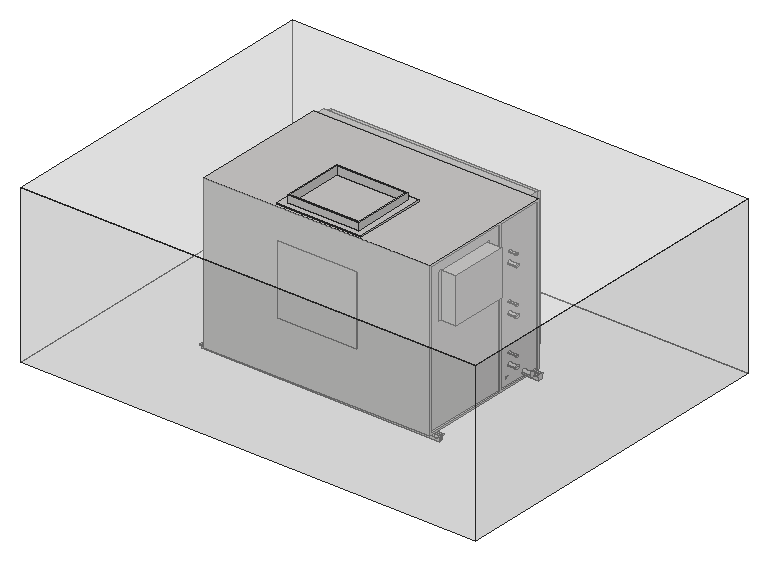
Revit family "outputfile", category 機械設備, Revit 2024
Family settings
  丸型コネクタ寸法 = 半径を使用
  パーツ タイプ = 標準
  OmniClass 番号 = 23.75.10.24.21.27.27
  OmniClass タイトル = Split System Air Conditioning Units
  作業面ベース = いいえ
  常に垂直 = はい
  ロード時にボイドで切り取り = いいえ
  注釈の向きを維持 = いいえ
  共有 = いいえ
  部屋計算ポイント = はい
Parameters (values of type "3FGN300HYL")
  Description = ""
  書き出し IFC クラス(タイプ) = "IfcUnitaryEquipmentType"
  定義済み IFC タイプ(タイプ) = "AIRCONDITIONINGUNIT"
  Cost = 0
  Type Comments = ""
  Keynote = ""
  Type Image = (empty or 0)
  Assembly Code = ""
  switch_frequency = yes
  lw_power = 930 mm
  lw_frontpanel = 620 mm
  lw_box_front = lw_box + 18 mm  # 115 mm
  lw_box = 97 mm
  lw_RA = 853 mm
  lh_liquidpipe_3 = 267 mm
  lh_liquidpipe_2 = 626 mm
  lh_height_SA = 482 mm
  lh_ld_mountinghole_height = 35 mm
  lh_height_RA = 1073 mm
  lh_hangerfixture = 35 mm
  lh_gaspipe_3 = 187 mm
  lh_gaspipe_2 = 546 mm
  lh_frontpanel_bottom = if(Width = 1766 mm, 444 mm, if(Width = 2022 mm, 479 mm, 402 mm))  # 444 mm
  lh_frontpanel = if(Width = 1766 mm, 542 mm, if(Width = 2022 mm, 542 mm, 758 mm))  # 542 mm
  lh_circlevoid = 100.5 mm
  lh_box_top = 95 mm
  lh_box = 351 mm
  lh_SA = 1291 mm
  lh_RA = 659.5 mm
  ld_void = 680 mm
  ld_frontpanel = 0 mm
  ld_depth_SA = 301 mm
  ld_depth_RA = 130 mm
  ld_circlevoid = 294.5 mm
  ld_box_left = 115 mm
  ld_box = 490 mm
  connector_voltage = Voltage_60Hz  # 380 V
  connector_powerinput = [Power Input (Cooling)]  # 31.410 kW
  connector_phase = Phase_60Hz  # 3
  製造元 = "Daikin"
  モデル = "3FGN300HYL"
  w_pipe = 33 mm
  r_Liquid Pipe Size = Liquid Pipe Size / 2  # 6.35 mm
  r_Gas Pipe Size = Gas Pipe Size / 2  # 12.7 mm
  r_Drain Pipe Size = Drain Pipe Size / 2  # 17.0 mm
  lw_powersupply = lw_power  # 930 mm
  lw_width_RA = 1636 mm
  lw_width_SA = 560 mm
  lh_suctionflange [instance] = 100 mm
  ld_suctionflange [instance] = 190 mm
  ld_powersupply = 200 mm
  angle_vertical_RA [instance] = 90.00°
  angle horizontal_RA [instance] = 180.00°
  Voltage_comment_60Hz = "380"
  Voltage_60Hz = 380 V
  URL = ""
  Sound Power Level_H speed (dB) = 0
  Phase_60Hz = 3
  Minimum External Static Pressure = 0.00 Pa
  Minimum Circuit Amps_60Hz = 0.0 A
  Maximum Fuse Amps_60Hz = 0.0 A
  Maximum External Static Pressure = 200.00 Pa
  Material_Casing = DAIKIN_GalvanizedSteel_Casing_indoorunit
  lw_liquidpipe = 933 mm
  lw_gaspipe = 933 mm
  lw_mountinghole_pitch = 1826 mm
  lw_mountinghole = 1866 mm
  lw_drainpipe = 933 mm
  lh_powersupply = 785 mm
  lh_liquidpipe = 981 mm
  lh_gaspipe = 901 mm
  lh_mountinghole = 5 mm
  lh_drainpipe = 73 mm
  lh_antena = Height - 4 mm  # 1227 mm
  ld_liquidpipe = 262.5 mm
  ld_gaspipe = 262.5 mm
  ld_mountinghole_pitch = 974 mm
  ld_drainpipe = 405.5 mm
  ld_controlbox = 626 mm
  h*** = 0 mm  # constant formula
  d_dischargeflange = 60 mm
  Width = 1766 mm
  Version = "ver.1.0"
  Unit Type = "Duct"
  Unit Mass Weight = 337.00 kg
  Unit Designation [instance] = ""
  Uniclass2015Version = "Products v1.30"
  Uniclass2015Title = "Split coil room air conditioning units"
  Uniclass2015Code = "Pr_70_65_03_86"
  Total Cooling Capacity [instance] = 0.000 kW
  Sound Pressure Level_M speed (dBA) = 0
  Sound Pressure Level_L speed (dBA) = 0
  Sound Pressure Level_H speed (dBA) = 66
  Series = "Package Aircon_Fan Coil Unit"
  Sensible Cooling Capacity [instance] = 0.000 kW
  SA Duct Size Width = 560 mm
  SA Duct Size Height = 482 mm
  Refrigerant Type = "R410A"
  RA Duct Size Width = 1636 mm
  RA Duct Size Height = 1073 mm
  Power Input (Cooling) = 31.410 kW
  Option Accessory 3 [instance] = ""
  Option Accessory 2 [instance] = ""
  Option Accessory 1 [instance] = ""
  Nominal Cooling Capacity = 87.925 kW
  Minimum Airflow = 0.00 m³/h
  Median Airflow = 0.00 m³/h
  Maximum Airflow = 15291.00 m³/h
  Load Classification = HVAC
  Liquid Pipe Size = 12.7 mm
  Link_Nested Family [instance] = ""
  IfcVersion = ""
  IfcExportType = "AIRCONDITIONINGUNIT"
  IfcExportAs = "IfcUnitaryEquipmentType"
  Height = 1231 mm
  Heat Exchanger Type = "Cross Fin Coil"
  Gas Pipe Size = 25.4 mm
  Frequency_60Hz = 60 Hz
  Fan Type = "Sirocco Fan"
  Fan Drive = "-"
  FCU Tag No. [instance] = ""
  Drain Pipe Size = 34.0 mm
  Design Supply Airflow [instance] = 0.00 m³/h
  Design Return Airflow [instance] = 0.00 m³/h
  Design External Static Pressure [instance] = 0.00 Pa
  Depth = 1069 mm
  既定の高さ = 0 mm
  Cooling Entering Wet Bulb Temperature [instance] = 0.00 °C
  Cooling Entering Dry Bulb Temperature [instance] = 0.00 °C
  Cooling Ambient Wet Bulb Temperature [instance] = 0.00 °C
  Cooling Ambient Dry Bulb Temperature [instance] = 0.00 °C
  Clearance visibility [instance] = yes
  Clearance Top = 0 mm
  Clearance Right = 1000 mm
  Clearance Rear = 800 mm
  Clearance Left = 800 mm
  Clearance Front = 800 mm
  Clearance Bottom = 0 mm
Reference planes
  plane 1 "Center (Front/Back)": y = 0
  plane 2: z = 0
  plane 3 "Center (Left/Right)": x = 0
  plane 4 "Back": y = 534.5
  plane 5 "Front": y = -534.5
  plane 6 "Left": x = -883
  plane 7 "Right": x = 883
  plane 8 "Top": z = 0
  plane 9 "Bottom": z = -1231
  plane 10: z = -250
  plane 11: z = -330
  plane 12: x = -913
  plane 13: x = 913
  plane 14: x = 933
  plane 15: x = 933
  plane 16: z = -1226
  plane 17 "Clearance Left": x = -1683
  plane 18 "Clearance Right": x = 1883
  plane 19 "Clearance Rear": y = 1334.5
  plane 20 "Clearance Front": y = -1334.5
  plane 21 "Clearance Bottom": z = -1231
  plane 22: z = -1158
  plane 23 "ld_gas": y = 262.5
  plane 24: y = 262.5
  plane 25: y = -30
  plane 26: y = 405.5
  plane 27: y = 344.5
  plane 28: x = 933
  plane 29: y = 487
  plane 30: y = -487
  plane 31: y = -233.5
  plane 32: y = 664.5
  plane 33 "Clearance Top": z = 0
  plane 34: z = -446
  plane 35: y = -200
  plane 36 "hangerfixture": z = -1196
  plane 37 "lh_SA": z = 60
  plane 38 "lh_RA": z = -571.5
  plane 39 "RA_center": x = -30
  plane 40: y = -524.5
  plane 41: y = 155.5
  plane 42: y = 524.5
  plane 43: z = -10
  plane 44: z = -1186
  plane 45: y = 165.5
  plane 46: y = -524.5
  plane 47: y = 155.5
  plane 48: y = 524.5
  plane 49: z = -10
  plane 50: z = -1186
  plane 51: y = 165.5
  plane 52: x = 865
  plane 53: x = 980
  plane 54: y = -419.5
  plane 55: y = -399.5
  plane 56: y = 50.5
  plane 57: y = 70.5
  plane 58 "box_bottom": z = -446
  plane 59 "box_top": z = -95
  plane 60: x = -310
  plane 61: x = 310
  plane 62: y = -534.5
  plane 63: y = -524.5
  plane 64 "lw_power": x = 930
  plane 65: z = -605
  plane 66: z = -685
  plane 67: z = -964
  plane 68: z = -1044
  plane 69: x = 863
  plane 70: x = -863
  plane 71: z = -787
  plane 72: z = -245
Forms (mm)
  Extrusion 1, solid, material "DAIKIN_GalvanizedSteel_Casing_indoorunit" <- "Material_Casing"
    sketch origin (0, -0.8, 0) x (1, 0, 0) y (0, 1, 0)
      loop
        line (-883, -533.7) -> (883, -533.7) -> (883, 535.3) -> (-883, 535.3) -> (-883, -533.7)
    from -1196 to 0
  Revolve 2, solid, material "DAIKIN_GalvanizedSteel_Casing_indoorunit" <- "Material_Casing"
    sketch origin (0, 0, -330) x (0, -1, 0) y (1, 0, 0)
      loop
        line (-249.8, 863) -> (-249.8, 933) -> (-262.5, 933) -> (-262.5, 863) -> (-249.8, 863)
      axis (-262.5, 863) -> (-262.5, 933)
    angle from 0 to 360
  Revolve 3, solid, material "DAIKIN_GalvanizedSteel_Casing_indoorunit" <- "Material_Casing"
    sketch origin (0, 0, -250) x (0, -1, 0) y (1, 0, 0)
      loop
        line (-262.5, 863) -> (-262.5, 933) -> (-268.85, 933) -> (-268.85, 863) -> (-262.5, 863)
      axis (-262.5, 933) -> (-262.5, 863)
    angle from 0 to 360
  Extrusion 4, solid, material "DAIKIN_GalvanizedSteel_Casing_indoorunit" <- "Material_Casing"
    sketch origin (0, 0, 0) x (0, 1, 0) y (0, 0, 1)
      loop
        circle (405.5, -1158) r 17
    from 933 to 863
  Extrusion 5, void
    sketch origin (883, 0, 0) x (0, 1, 0) y (0, 0, 1)
      loop
        line (-524.5, -10) -> (-524.5, -1186) -> (155.5, -1186) -> (155.5, -10) -> (-524.5, -10)
      loop
        line (524.5, -10) -> (165.5, -10) -> (165.5, -1186) -> (524.5, -1186) -> (524.5, -10)
    from 0 to -20
  Extrusion 6, void
    sketch origin (-883, 0, 0) x (0, 1, 0) y (0, 0, 1)
      loop
        line (-524.5, -10) -> (-524.5, -1186) -> (155.5, -1186) -> (155.5, -10) -> (-524.5, -10)
      loop
        line (524.5, -10) -> (165.5, -10) -> (165.5, -1186) -> (524.5, -1186) -> (524.5, -10)
    from 0 to 20
  Extrusion 7, solid, material "DAIKIN_GalvanizedSteel_Casing_indoorunit" <- "Material_Casing"
    sketch origin (0, 0, 0) x (1, 0, 0) y (0, 1, 0)
      loop
        line (863, -419.5) -> (865, -419.5) -> (865, -399.5) -> (980, -399.5) -> (980, 50.5) -> (865, 50.5) -> (865, 70.5) -> (863, 70.5) -> (863, -419.5)
    from -446 to -95
  Extrusion 8, solid, material "DAIKIN_GalvanizedSteel_Casing_indoorunit" <- "Material_Casing"
    sketch origin (0, 0, -1231) x (-1, 0, 0) y (0, -1, 0)
      loop
        line (310, 524.5) -> (310, 534.5) -> (-310, 534.5) -> (-310, 524.5) -> (310, 524.5)
    from 444 to 986
  Revolve 9, solid, material "DAIKIN_GalvanizedSteel_Casing_indoorunit" <- "Material_Casing"
    sketch origin (0, 0, -685) x (0, -1, 0) y (1, 0, 0)
      loop
        line (-249.8, 863) -> (-249.8, 933) -> (-262.5, 933) -> (-262.5, 863) -> (-249.8, 863)
      axis (-262.5, 863) -> (-262.5, 933)
    angle from 0 to 360
  Revolve 10, solid, material "DAIKIN_GalvanizedSteel_Casing_indoorunit" <- "Material_Casing"
    sketch origin (0, 0, -605) x (0, -1, 0) y (1, 0, 0)
      loop
        line (-262.5, 863) -> (-262.5, 933) -> (-268.85, 933) -> (-268.85, 863) -> (-262.5, 863)
      axis (-262.5, 933) -> (-262.5, 863)
    angle from 0 to 360
  Extrusion 11, void
    sketch origin (883, 0, 0) x (0, 1, 0) y (0, 0, 1)
      loop
        circle (240, -1130.5) r 13.5
    from -21 to 0
  Revolve 12, solid, material "DAIKIN_GalvanizedSteel_Casing_indoorunit" <- "Material_Casing"
    sketch origin (0, 0, -1044) x (0, -1, 0) y (1, 0, 0)
      loop
        line (-249.8, 863) -> (-249.8, 933) -> (-262.5, 933) -> (-262.5, 863) -> (-249.8, 863)
      axis (-262.5, 863) -> (-262.5, 933)
    angle from 0 to 360
  Revolve 13, solid, material "DAIKIN_GalvanizedSteel_Casing_indoorunit" <- "Material_Casing"
    sketch origin (0, 0, -964) x (0, -1, 0) y (1, 0, 0)
      loop
        line (-262.5, 863) -> (-262.5, 933) -> (-268.85, 933) -> (-268.85, 863) -> (-262.5, 863)
      axis (-262.5, 933) -> (-262.5, 863)
    angle from 0 to 360
Cuts and joins
  Extrusion 5, Extrusion 6, Extrusion 11 cuts Extrusion 1
  Extrusion 6 cuts Revolve 2
  Extrusion 6 cuts Revolve 3
  Extrusion 6 cuts Extrusion 4
Dimensions and locks
  equal spacing: plane 12, plane 3 "Center (Left/Right)", plane 13
  "lw_mountinghole_pitch": plane 12 to plane 13
  "lh_liquidpipe": plane 10 to plane 9 "Bottom"
  "lh_gaspipe": plane 11 to plane 9 "Bottom"
  equal spacing: plane 6 "Left", plane 3 "Center (Left/Right)", plane 7 "Right"
  "Width": plane 6 "Left" to plane 7 "Right"
  "Clearance Right": plane 7 "Right" to plane 18 "Clearance Right"
  "Clearance Left": plane 17 "Clearance Left" to plane 6 "Left"
  "Clearance Rear": plane 19 "Clearance Rear" to plane 4 "Back"
  "Clearance Front": plane 5 "Front" to plane 20 "Clearance Front"
  "Depth": plane 4 "Back" to plane 5 "Front"
  equal spacing: plane 4 "Back", plane 1 "Center (Front/Back)", plane 5 "Front"
  "ld_suctionflange": plane 4 "Back" to plane 27
  "r_Liquid Pipe Size": nested 5 to Revolve 3 sketch curve
  equal spacing: plane 29, plane 1 "Center (Front/Back)", plane 30
  "ld_mountinghole_pitch": plane 29 to plane 30
  "lw_liquidpipe": plane 3 "Center (Left/Right)" to plane 14
  "lw_gaspipe": plane 3 "Center (Left/Right)" to plane 15
  "lw_drainpipe": plane 3 "Center (Left/Right)" to plane 28
  "lh_drainpipe": plane 22 to plane 9 "Bottom"
  "Clearance Top": plane 33 "Clearance Top" to plane 8 "Top"
  "Clearance Bottom": plane 9 "Bottom" to plane 21 "Clearance Bottom"
  "lh_powersupply": plane 34 to plane 9 "Bottom"
  plane 8 "Top" to level = 0 mm
  "lh_hangerfixture": plane 36 "hangerfixture" to plane 9 "Bottom"
  "lh_SA": plane 37 "lh_SA" to plane 9 "Bottom"
  "ld_depth_RA": plane 32 to plane 4 "Back"
  "lh_RA": plane 38 "lh_RA" to plane 9 "Bottom"
  "lw_RA": plane 6 "Left" to plane 39 "RA_center"
  locked: plane 36 "hangerfixture" to plane 44 at 10
  plane 5 "Front" to plane 40 = 10 mm
  locked: plane 8 "Top" to plane 43 at 10
  plane 42 to plane 4 "Back" = 10 mm
  "ld_void": plane 40 to plane 41
  "ld_void": plane 46 to plane 47
  plane 5 "Front" to plane 46 = 10 mm
  plane 48 to plane 4 "Back" = 10 mm
  locked: plane 8 "Top" to plane 49 at 10
  locked: plane 50 to plane 36 "hangerfixture" at 10
  "ld_box_left": plane 54 to plane 5 "Front"
  "ld_box": plane 57 to plane 54
  locked: plane 55 to plane 54 at 20
  locked: plane 57 to plane 56 at 20
  "lw_box": plane 7 "Right" to plane 53
  "lh_box_top": plane 8 "Top" to plane 59 "box_top"
  "lh_box": plane 59 "box_top" to plane 58 "box_bottom"
  equal spacing: plane 60, plane 3 "Center (Left/Right)", plane 61
  "lw_power": plane 3 "Center (Left/Right)" to plane 64 "lw_power"
  "lh_gaspipe_2": plane 66 to plane 9 "Bottom"
  "lh_liquidpipe_2": plane 65 to plane 9 "Bottom"
  "ld_powersupply": plane 35 to plane 1 "Center (Front/Back)"
  "ld_drainpipe": plane 26 to plane 1 "Center (Front/Back)"
  "ld_gaspipe": plane 23 "ld_gas" to plane 1 "Center (Front/Back)"
  "r_Gas Pipe Size": plane 23 "ld_gas" to Revolve 9 sketch curve
  "r_Gas Pipe Size": plane 23 "ld_gas" to Revolve 2 sketch curve
  "r_Liquid Pipe Size": Revolve 10 sketch curve to plane 24
  "ld_liquidpipe": plane 24 to plane 1 "Center (Front/Back)"
  "ld_depth_SA": plane 31 to plane 5 "Front"
  "lh_circlevoid": Extrusion 11 sketch curve to plane 9 "Bottom"
  "Height": plane 8 "Top" to plane 9 "Bottom"
  "lh_mountinghole": plane 16 to plane 9 "Bottom"
  "lh_gaspipe_3": plane 68 to plane 9 "Bottom"
  "lh_liquidpipe_3": plane 67 to plane 9 "Bottom"
  "ld_circlevoid": Extrusion 11 sketch curve to plane 4 "Back"
  "lw_box_front": plane 52 to plane 53
  locked: plane 69 to plane 7 "Right" at 20
  locked: plane 6 "Left" to plane 70 at 20
  "lh_frontpanel_bottom": plane 71 to plane 9 "Bottom"
  "lh_frontpanel": plane 72 to plane 71
  "r_Gas Pipe Size": plane 24 to Revolve 12 sketch curve
  "r_Liquid Pipe Size": Revolve 13 sketch curve to plane 24
  "lw_frontpanel": plane 60 to plane 61
  locked: plane 63 to plane 5 "Front" at 10
  "ld_frontpanel": plane 5 "Front" to plane 62
  locked: plane 41 to plane 45 at 10
  locked: plane 47 to plane 51 at 10
  "r_Drain Pipe Size": radius of Extrusion 4 sketch curve
  diameter of Extrusion 11 sketch curve = 27 mm
  aligned and locked: level to plane 2
  aligned and locked: plane 8 "Top" to Extrusion 1
  aligned and locked: Revolve 2 sketch curve to Revolve 2 sketch curve
  aligned and locked: plane 14 to nested 5
  aligned and locked: nested 5 to plane 10
  aligned and locked: plane 13 to nested 2
  aligned and locked: plane 12 to nested 3
  aligned and locked: plane 12 to nested 4
  aligned and locked: nested 6 to plane 11
  aligned and locked: plane 23 "ld_gas" to nested 6
  aligned and locked: plane 24 to nested 5
  aligned and locked: Extrusion 4 sketch curve to plane 26
  aligned and locked: nested 10 to plane 19 "Clearance Rear"
  aligned and locked: nested 10 to plane 18 "Clearance Right"
  aligned and locked: nested 10 to plane 17 "Clearance Left"
  aligned and locked: nested 10 to plane 20 "Clearance Front"
  aligned and locked: plane 28 to Extrusion 4
  aligned and locked: plane 15 to nested 6  (x2)
  aligned and locked: plane 13 to nested 1
  aligned and locked: plane 26 to nested 7
  aligned and locked: nested 7 to plane 22
  aligned and locked: nested 7 to plane 28
  aligned and locked: plane 29 to nested 1
  aligned and locked: plane 30 to nested 2
  aligned and locked: nested 4 to plane 29
  aligned and locked: nested 3 to plane 30
  aligned and locked: nested 9 to plane 4 "Back"
  aligned and locked: plane 32 to nested 13
  aligned and locked: plane 3 "Center (Left/Right)" to nested 12
  aligned and locked: nested 10 to plane 33 "Clearance Top"
  aligned and locked: nested 10 to plane 21 "Clearance Bottom"
  aligned and locked: nested 11 to plane 9 "Bottom"
  aligned and locked: plane 36 "hangerfixture" to Extrusion 1
  aligned and locked: Extrusion 1 to plane 5 "Front"
  aligned and locked: Extrusion 1 to plane 4 "Back"
  aligned and locked: plane 38 "lh_RA" to nested 9
  aligned and locked: nested 13 to plane 38 "lh_RA"
  aligned and locked: plane 39 "RA_center" to nested 9
  aligned and locked: nested 13 to plane 39 "RA_center"
  aligned and locked: Extrusion 5 sketch curve to plane 43
  aligned and locked: Extrusion 5 sketch curve to plane 40
  aligned and locked: plane 44 to Extrusion 5 sketch curve
  aligned and locked: Extrusion 5 sketch curve to plane 41
  aligned and locked: plane 43 to Extrusion 5 sketch curve
  aligned and locked: Extrusion 5 sketch curve to plane 42
  aligned and locked: Extrusion 5 sketch curve to plane 44
  aligned and locked: Extrusion 5 sketch curve to plane 45
  aligned and locked: Extrusion 6 sketch curve to plane 49
  aligned and locked: Extrusion 6 sketch curve to plane 46
  aligned and locked: plane 50 to Extrusion 6 sketch curve
  aligned and locked: Extrusion 6 sketch curve to plane 47
  aligned and locked: plane 49 to Extrusion 6 sketch curve
  aligned and locked: Extrusion 6 sketch curve to plane 48
  aligned and locked: Extrusion 6 sketch curve to plane 50
  aligned and locked: Extrusion 6 sketch curve to plane 51
  aligned and locked: cut or joined group of Extrusion 1, Extrusion 5, Extrusion 6, Extrusion 11 to Extrusion 7 sketch curve
  aligned and locked: plane 57 to Extrusion 7 sketch curve
  aligned and locked: plane 53 to Extrusion 7 sketch curve
  aligned and locked: Extrusion 7 sketch curve to plane 54
  aligned and locked: plane 59 "box_top" to Extrusion 7
  aligned and locked: Extrusion 7 to plane 58 "box_bottom"
  aligned and locked: Extrusion 8 sketch curve to plane 63
  aligned and locked: Extrusion 8 sketch curve to plane 60
  aligned and locked: plane 62 to Extrusion 8 sketch curve
  aligned and locked: plane 61 to Extrusion 8 sketch curve
  aligned and locked: Revolve 9 sketch curve to Revolve 9 sketch curve
  aligned and locked: nested 15 to plane 65
  aligned and locked: nested 16 to plane 66
  aligned and locked: plane 14 to Revolve 10
  aligned and locked: nested 15 to plane 14
  aligned and locked: plane 15 to cut or joined group of Revolve 2, Extrusion 6  (x3)
  aligned and locked: cut or joined group of Revolve 2, Extrusion 6 to plane 15
  aligned and locked: nested 14 to plane 35
  aligned and locked: Revolve 2 sketch curve to plane 23 "ld_gas"
  aligned and locked: plane 23 "ld_gas" to nested 16
  aligned and locked: plane 24 to nested 15
  aligned and locked: plane 37 "lh_SA" to nested 12
  aligned and locked: plane 37 "lh_SA" to nested 8
  aligned and locked: plane 31 to nested 12
  aligned and locked: plane 31 to nested 8
  aligned and locked: cut or joined group of Extrusion 1, Extrusion 5, Extrusion 6, Extrusion 11 to cut or joined group of Extrusion 4, Extrusion 6
  aligned and locked: cut or joined group of Extrusion 1, Extrusion 5, Extrusion 6, Extrusion 11 to Revolve 10
  aligned and locked: Revolve 9 to cut or joined group of Extrusion 1, Extrusion 5, Extrusion 6, Extrusion 11
  aligned and locked: cut or joined group of Extrusion 1, Extrusion 5, Extrusion 6, Extrusion 11 to cut or joined group of Revolve 3, Extrusion 6
  aligned and locked: cut or joined group of Revolve 2, Extrusion 6 to cut or joined group of Extrusion 1, Extrusion 5, Extrusion 6, Extrusion 11
  aligned and locked: plane 52 to Extrusion 7 sketch curve
  aligned and locked: Extrusion 7 sketch curve to plane 55
  aligned and locked: Extrusion 7 sketch curve to plane 56
  aligned and locked: Extrusion 7 sketch curve to plane 52
  aligned and locked: nested 14 to plane 64 "lw_power"
  aligned and locked: nested 14 to plane 34
  aligned and locked: Revolve 12 sketch curve to Revolve 12 sketch curve
  aligned and locked: nested 17 to plane 67
  aligned and locked: nested 18 to plane 68
  aligned and locked: plane 70 to cut or joined group of Extrusion 1, Extrusion 5, Extrusion 6, Extrusion 11
  aligned and locked: Extrusion 5 to plane 69
  aligned and locked: plane 24 to nested 17
  aligned and locked: plane 23 "ld_gas" to nested 18
  aligned and locked: Extrusion 8 to plane 71
  aligned and locked: plane 72 to Extrusion 8
Automatic sketch dimensions
  Extrusion 1 sketch curve to plane 4 "Back" = 0 mm
  Extrusion 1 sketch curve to plane 6 "Left" = 0 mm
  Extrusion 1 sketch curve to plane 5 "Front" = 0 mm
  Extrusion 1 sketch curve to plane 7 "Right" = 0 mm
  Revolve 3 sketch curve to plane 23 "ld_gas" = 0 mm  (x2)
  Revolve 3 sketch curve to plane 14 = 0 mm  (x2)
  Revolve 3 sketch curve to plane 7 "Right" = 20 mm
  plane 7 "Right" to Revolve 3 sketch curve = 15 mm
  Extrusion 4 sketch curve to plane 22 = 0 mm
  Revolve 10 sketch curve to plane 23 "ld_gas" = 0 mm  (x2)
  Revolve 10 sketch curve to plane 14 = 0 mm  (x2)
  Revolve 10 sketch curve to plane 7 "Right" = 20 mm
  plane 7 "Right" to Revolve 10 sketch curve = 15 mm
  Revolve 13 sketch curve to plane 14 = 0 mm  (x2)
  Revolve 13 sketch curve to plane 23 "ld_gas" = 0 mm  (x2)
  Revolve 13 sketch curve to plane 7 "Right" = 20 mm
  plane 7 "Right" to Revolve 13 sketch curve = 15 mm
  Revolve 2 sketch curve to plane 69 = 0 mm
  Revolve 2 sketch curve to plane 14 = 0 mm
  plane 7 "Right" to Revolve 2 sketch curve = 2.003 mm
  plane 14 to Revolve 2 sketch curve = 1.003 mm
  Revolve 9 sketch curve to plane 23 "ld_gas" = 0 mm
  Revolve 9 sketch curve to plane 69 = 0 mm
  Revolve 9 sketch curve to plane 14 = 0 mm
  plane 7 "Right" to Revolve 9 sketch curve = 2.003 mm
  plane 14 to Revolve 9 sketch curve = 1.003 mm
  Revolve 12 sketch curve to plane 23 "ld_gas" = 0 mm
  Revolve 12 sketch curve to plane 69 = 0 mm
  Revolve 12 sketch curve to plane 14 = 0 mm
  plane 7 "Right" to Revolve 12 sketch curve = 2.003 mm
  plane 14 to Revolve 12 sketch curve = 1.003 mm
Nested families
  nested 1: "daikin_mountinghole" at (913, 487, -1231), Link_Nested Family <- "Link_Nested Family", h_mountinghole <- "lh_mountinghole", l_antenna <- "lh_antena", type "daikin_mountinghole"
    with show yes, l_antenna 1227 mm, h_mountinghole 5 mm, Link_Nested Family "", d_circle 23 mm
  nested 2: "daikin_mountinghole" at (913, -487, -1231), Link_Nested Family <- "Link_Nested Family", h_mountinghole <- "lh_mountinghole", l_antenna <- "lh_antena", type "daikin_mountinghole"
    with show yes, l_antenna 1227 mm, h_mountinghole 5 mm, Link_Nested Family "", d_circle 23 mm
  nested 3: "daikin_mountinghole" at (-913, -487, -1231), Link_Nested Family <- "Link_Nested Family", h_mountinghole <- "lh_mountinghole", l_antenna <- "lh_antena", type "daikin_mountinghole"
    with show yes, l_antenna 1227 mm, h_mountinghole 5 mm, Link_Nested Family "", d_circle 23 mm
  nested 4: "daikin_mountinghole" at (-913, 487, -1231), Link_Nested Family <- "Link_Nested Family", h_mountinghole <- "lh_mountinghole", l_antenna <- "lh_antena", type "daikin_mountinghole"
    with show yes, l_antenna 1227 mm, h_mountinghole 5 mm, Link_Nested Family "", d_circle 23 mm
  nested 5: "daikin_connector_rotate2" at (0, 262.5, -250) x (0, 1, 0) z (0, 0, 1), length <- "lw_liquidpipe", built-in parameter 1001364 <- "lh_liquidpipe", radius <- "r_Liquid Pipe Size", type "daikin_connector_rotate2"
    with radius 6.35 mm, length 933 mm, angle_vertical 90.00°
  nested 6: "daikin_connector_rotate2" at (0, 262.5, -330) x (0, 1, 0) z (0, 0, 1), length <- "lw_gaspipe", built-in parameter 1001364 <- "lh_gaspipe", radius <- "r_Gas Pipe Size", type "daikin_connector_rotate2"
    with radius 12.7 mm, length 933 mm, angle_vertical 90.00°
  nested 7: "daikin_connector_rotate2" at (0, 405.5, -1158) x (0, 1, 0) z (0, 0, 1), built-in parameter 1001364 <- "lh_drainpipe", length <- "lw_drainpipe", radius <- "r_Drain Pipe Size", type "daikin_connector_rotate2"
    with radius 17 mm, length 933 mm, angle_vertical 90.00°
  nested 8: "daikin_connector_rotate2" at (0, -233.5, 0) x (1, 0, 0) z (0, 1, 0), length <- "d_dischargeflange", type "daikin_connector_rotate2"
    with radius 10 mm, length 60 mm, angle_vertical 90.00°
  nested 9: "daikin_ductflange_3FGN-HYL" at (-30, 534.5, -571.5), material <- "Material_Casing", width <- "lw_width_RA", height <- "lh_height_RA", depth <- "ld_depth_RA", type "daikin_ductflange_3FGN-HYL"
    with x 15 mm, width 1636 mm, material DAIKIN_GalvanizedSteel_Casing_indoorunit, height 1073 mm, depth 130 mm
  nested 10: "daikin_clearancespace" at (100, 0, -615.381), visible <- "Clearance visibility", show <- "Clearance visibility", Link_Nested Family <- "Link_Nested Family", type "daikin_clearancespace"
    with width 3566 mm, show yes, height 1231 mm, depth 2669 mm, Link_Nested Family ""
  nested 11: "daikin_hangerfixture_3FGN-HYL" at (0, 0, -1231), type "daikin_hangerfixture_3FGN-HYL"
  nested 12: "daikin_ductflange_3FGN-HYL_1" at (0, -422.901, 0) x (1, 0, 0) z (0, 1, 0), width <- "lw_width_SA", material <- "Material_Casing", height <- "lh_height_SA", depth <- "d_dischargeflange", type "daikin_ductflange_3FGN-HYL_1"
    with width 560 mm, t 10 mm, material DAIKIN_GalvanizedSteel_Casing_indoorunit, height 482 mm, depth 60 mm
  nested 13: "daikin_connector_rotate2" at (-30, 534.5, -571.5) x (-1, 0, 0) z (0, 0, 1), length <- "ld_depth_RA", type "daikin_connector_rotate2"
    with radius 10 mm, length 130 mm, angle_vertical 90.00°
  nested 14: "daikin_connector_rotate2" at (930, -200, -95) x (0, 1, 0) z (1, 0, 0), length <- "lh_box", type "daikin_connector_rotate2"
    with radius 10 mm, length 351 mm, angle_vertical 90.00°
  nested 15: "daikin_connector_rotate2" at (0, 262.5, -605) x (0, 1, 0) z (0, 0, 1), length <- "lw_liquidpipe", built-in parameter 1001364 <- "lh_liquidpipe", radius <- "r_Liquid Pipe Size", type "daikin_connector_rotate2"
    with radius 6.35 mm, length 933 mm, angle_vertical 90.00°
  nested 16: "daikin_connector_rotate2" at (0, 262.5, -685) x (0, 1, 0) z (0, 0, 1), length <- "lw_gaspipe", built-in parameter 1001364 <- "lh_gaspipe", radius <- "r_Gas Pipe Size", type "daikin_connector_rotate2"
    with radius 12.7 mm, length 933 mm, angle_vertical 90.00°
  nested 17: "daikin_connector_rotate2" at (0, 262.5, -964) x (0, 1, 0) z (0, 0, 1), length <- "lw_liquidpipe", built-in parameter 1001364 <- "lh_liquidpipe", radius <- "r_Liquid Pipe Size", type "daikin_connector_rotate2"
    with radius 6.35 mm, length 933 mm, angle_vertical 90.00°
  nested 18: "daikin_connector_rotate2" at (0, 262.5, -1044) x (0, 1, 0) z (0, 0, 1), length <- "lw_gaspipe", built-in parameter 1001364 <- "lh_gaspipe", radius <- "r_Gas Pipe Size", type "daikin_connector_rotate2"
    with radius 12.7 mm, length 933 mm, angle_vertical 90.00°
Connectors
  piping at (933, 262.5, -330), diameter 25.4, driven by "r_Gas Pipe Size"
    settings: on nested 6, index 1, connector inside diameter 609.6 mm, connector length 0 mm, flow factor 0, pipe flow 0.00 m³/h, pressure drop 0.0 Pa, fitting loss kfactor 0, connector angle 0.00°, fixture units 0, engagement length 0 mm, angle of deflection 0.00°, flow configuration 1, flow direction 2, fitting loss method 0, system type 29, joint type 0, gender type 0, connector reference index -1, connector utility 0, adjustable connector no, is connector primary yes, connector description "Refrigerant Gas Piping"
  piping at (933, 262.5, -250), diameter 12.7, driven by "r_Liquid Pipe Size"
    settings: on nested 5, index 2, connector inside diameter 609.6 mm, connector length 0 mm, flow factor 0, pipe flow 0.00 m³/h, pressure drop 0.0 Pa, fitting loss kfactor 0, connector angle 0.00°, fixture units 0, engagement length 0 mm, angle of deflection 0.00°, flow configuration 1, flow direction 1, fitting loss method 0, system type 29, joint type 0, gender type 0, connector reference index -1, connector utility 0, adjustable connector no, is connector primary no, connector description "Refrigerant Liquid Piping"
  piping at (933, 405.5, -1158), diameter 34, driven by "r_Drain Pipe Size"
    settings: on nested 7, index 3, connector inside diameter 609.6 mm, connector length 0 mm, flow factor 0, pipe flow 0.00 m³/h, pressure drop 0.0 Pa, fitting loss kfactor 0, connector angle 0.00°, fixture units 0, engagement length 0 mm, angle of deflection 0.00°, flow configuration 1, flow direction 2, fitting loss method 4, system type 16, joint type 0, gender type 0, connector reference index -1, connector utility 0, adjustable connector no, is connector primary no, connector description "Condensate Drain Piping"
  hvac at (0, -233.5, 60), driven by "SA Duct Size Height", driven by "SA Duct Size Width"
    settings: on nested 8, index 7, duct flow 0.00 m³/h, flow factor 0, pres drop 0.00 Pa, loss coef 0, conn angle 0.00°, conn width 560.0 mm, conn height 482.0 mm, conn diameter 609.6 mm, duct sys type 1, conn prof type 1, flow config 0, flow direction 2, loss method 4, conn ref index -1, conn util no, is conn primary yes, conn desc "SA Duct"
  hvac at (-30, 664.5, -571.5), driven by "RA Duct Size Width", driven by "RA Duct Size Height"
    settings: on nested 13, index 8, duct flow 0.00 m³/h, flow factor 0, pres drop 0.00 Pa, loss coef 0, conn angle 0.00°, conn width 1636.0 mm, conn height 1073.0 mm, conn diameter 609.6 mm, duct sys type 2, conn prof type 1, flow config 0, flow direction 1, loss method 4, conn ref index -1, conn util no, is conn primary no, conn desc "RA Duct"
  electrical at (930, -200, -446), driven by "Load Classification", driven by "connector_phase", driven by "connector_powerinput", driven by "connector_voltage"
    settings: on nested 14, index 9, voltage 380 V, apparent load 31410 VA, apparent load phase1 0 VA, apparent load phase2 0 VA, apparent load phase3 0 VA, power factor 1, load classification "HVAC", number of poles 3, system type 30, power factor state 1, is connector primary yes, connector utility no, sub classification motor no, connector description "Power Supply"
  piping at (933, 262.5, -685), diameter 25.4, driven by "r_Gas Pipe Size"
    settings: on nested 16, index 10, connector inside diameter 609.6 mm, connector length 0 mm, flow factor 0, pipe flow 0.00 m³/h, pressure drop 0.0 Pa, fitting loss kfactor 0, connector angle 0.00°, fixture units 0, engagement length 0 mm, angle of deflection 0.00°, flow configuration 1, flow direction 2, fitting loss method 0, system type 29, joint type 0, gender type 0, connector reference index -1, connector utility 0, adjustable connector no, is connector primary no, connector description "Refrigerant Gas Piping"
  piping at (933, 262.5, -605), diameter 12.7, driven by "r_Liquid Pipe Size"
    settings: on nested 15, index 11, connector inside diameter 609.6 mm, connector length 0 mm, flow factor 0, pipe flow 0.00 m³/h, pressure drop 0.0 Pa, fitting loss kfactor 0, connector angle 0.00°, fixture units 0, engagement length 0 mm, angle of deflection 0.00°, flow configuration 1, flow direction 1, fitting loss method 0, system type 29, joint type 0, gender type 0, connector reference index -1, connector utility 0, adjustable connector no, is connector primary no, connector description "Refrigerant Liquid Piping"
  piping at (933, 262.5, -1044), diameter 25.4, driven by "r_Gas Pipe Size"
    settings: on nested 18, index 12, connector inside diameter 609.6 mm, connector length 0 mm, flow factor 0, pipe flow 0.00 m³/h, pressure drop 0.0 Pa, fitting loss kfactor 0, connector angle 0.00°, fixture units 0, engagement length 0 mm, angle of deflection 0.00°, flow configuration 1, flow direction 2, fitting loss method 0, system type 29, joint type 0, gender type 0, connector reference index -1, connector utility 0, adjustable connector no, is connector primary no, connector description "Refrigerant Gas Piping"
  piping at (933, 262.5, -964), diameter 12.7, driven by "r_Liquid Pipe Size"
    settings: on nested 17, index 13, connector inside diameter 609.6 mm, connector length 0 mm, flow factor 0, pipe flow 0.00 m³/h, pressure drop 0.0 Pa, fitting loss kfactor 0, connector angle 0.00°, fixture units 0, engagement length 0 mm, angle of deflection 0.00°, flow configuration 1, flow direction 1, fitting loss method 0, system type 29, joint type 0, gender type 0, connector reference index -1, connector utility 0, adjustable connector no, is connector primary no, connector description "Refrigerant Liquid Piping"
Definition of nested family "daikin_ductflange_3FGN-HYL"
  Parameters (values of type "daikin_ductflange_2FGN-HTL")
    x [instance] = if(width = 1636 mm, 15 mm, 35 mm)  # 15 mm
    width [instance] = 1636 mm
    material [instance] = none
    height [instance] = 747 mm
    depth [instance] = 130 mm
    Default Elevation = 0 mm
  Reference planes
    plane 1 "Center (Front/Back)": y = 0
    plane 2: z = 0
    plane 3 "Center (Left/Right)": x = 0
    plane 4: x = -818
    plane 5: x = 818
    plane 6: z = 373.5
    plane 7: z = -373.5
    plane 8: y = 80
    plane 9: y = 130
    plane 10: x = -813
    plane 11: x = 813
    plane 12: z = -368.5
    plane 13: z = 368.5
    plane 14: x = -833
    plane 15: x = 833
    plane 16: z = 393.5
    plane 17: z = -380
  Forms (mm)
    Extrusion 1, solid, material <- "material"
      sketch origin (0, 0, 0) x (1, 0, 0) y (0, 0, 1)
        loop
          line (-833, 393.5) -> (-833, -380) -> (833, -380) -> (833, 393.5) -> (-833, 393.5)
        loop
          line (-813, 368.5) -> (-813, -368.5) -> (813, -368.5) -> (813, 368.5) -> (-813, 368.5)
      from 0 to -80
    Extrusion 2, solid, material <- "material"
      sketch origin (0, 0, 0) x (1, 0, 0) y (0, 0, 1)
        loop
          line (-818, 373.5) -> (-818, -373.5) -> (818, -373.5) -> (818, 373.5) -> (-818, 373.5)
        loop
          line (813, 368.5) -> (-813, 368.5) -> (-813, -368.5) -> (813, -368.5) -> (813, 368.5)
      from -130 to -80
  Cuts and joins
    joined: Extrusion 1, Extrusion 2
  Dimensions and locks
    equal spacing: plane 5, plane 3 "Center (Left/Right)", plane 4
    "width": plane 5 to plane 4
    equal spacing: plane 6, level, plane 7
    "height": plane 6 to plane 7
    locked: plane 1 "Center (Front/Back)" to plane 8 at 80
    "depth": plane 1 "Center (Front/Back)" to plane 9
    plane 6 to plane 13 = 5 mm
    plane 12 to plane 7 = 5 mm
    plane 5 to plane 11 = 5 mm
    plane 10 to plane 4 = 5 mm
    "x": plane 4 to plane 14
    "x": plane 15 to plane 5
    locked: plane 16 to plane 6 at 20
    locked: plane 7 to plane 17 at 6.5
    aligned and locked: level to plane 2
    aligned and locked: Extrusion 1 to plane 8
    aligned and locked: plane 1 "Center (Front/Back)" to Extrusion 1
    aligned and locked: Extrusion 2 to plane 9
    aligned and locked: Extrusion 2 to Extrusion 1
    aligned and locked: plane 13 to Extrusion 2 sketch curve
    aligned and locked: plane 11 to Extrusion 2 sketch curve
    aligned and locked: Extrusion 2 sketch curve to plane 12
    aligned and locked: Extrusion 2 sketch curve to plane 10
    aligned and locked: Extrusion 1 sketch curve to plane 16
    aligned and locked: plane 14 to Extrusion 1 sketch curve
    aligned and locked: plane 17 to Extrusion 1 sketch curve
    aligned and locked: Extrusion 1 sketch curve to plane 15
  Automatic sketch dimensions
    Extrusion 2 sketch curve to plane 4 = 0 mm
    Extrusion 2 sketch curve to plane 5 = 0 mm
    Extrusion 2 sketch curve to plane 7 = 0 mm
    Extrusion 2 sketch curve to plane 6 = 0 mm
    plane 4 to Extrusion 1 sketch curve = 5 mm
    Extrusion 1 sketch curve to plane 5 = 5 mm
    plane 7 to Extrusion 1 sketch curve = 5 mm
    Extrusion 1 sketch curve to plane 6 = 5 mm
Definition of nested family "daikin_clearancespace"
  Parameters (values of type "daikin_clearancespace")
    Description = "daikin_clearancespace"
    width [instance] = 1823.963 mm
    show [instance] = yes
    material = none
    height [instance] = 1359.762 mm
    depth [instance] = 880 mm
    Default Elevation = 0 mm
    Link_Nested Family [instance] = ""
  Reference planes
    plane 1 "Center (Front/Back)": y = 0
    plane 2 "Center (Elevation)": z = -0.119
    plane 3 "Center (Left/Right)": x = 0
    plane 4: y = 440
    plane 5: y = -440
    plane 6 "Right": x = 911.982
    plane 7 "Left": x = -911.982
    plane 8 "Top": z = 679.762
    plane 9 "Bottom": z = -680
  Forms (mm)
    Extrusion 1, solid, material <- "material", visible <- "show"
      sketch origin (0, 0, 0) x (1, 0, 0) y (0, 1, 0)
        loop
          line (-911.982, 440) -> (-911.982, -440) -> (911.982, -440) -> (911.982, 440) -> (-911.982, 440)
      from -680 to 679.762
  Lines and regions (mm)
    symbolic lines, visible <- "show"
      curve 1: line (911.982, 440, 0) -> (-911.982, 440, 0)
      curve 2: line (-911.982, 440, 0) -> (-911.982, -440, 0)
      curve 3: line (-911.982, -440, 0) -> (911.982, -440, 0)
      curve 4: line (911.982, -440, 0) -> (911.982, 440, 0)
      curve 5: line (911.982, 0, 679.762) -> (-911.982, 0, 679.762)
      curve 6: line (911.982, 0, -680) -> (911.982, 0, 679.762)
      curve 7: line (-911.982, 0, -680) -> (911.982, 0, -680)
      curve 8: line (-911.982, 0, 679.762) -> (-911.982, 0, -680)
      curve 9: line (0, 440, 679.762) -> (0, -440, 679.762)
      curve 10: line (0, -440, 679.762) -> (0, -440, -680)
      curve 11: line (0, 440, -680) -> (0, 440, 679.762)
      curve 12: line (0, -440, -680) -> (0, 440, -680)
  Dimensions and locks
    "width": plane 7 "Left" to plane 6 "Right"
    "depth": plane 4 to plane 5
    "height": plane 8 "Top" to plane 9 "Bottom"
    equal spacing: plane 7 "Left", plane 3 "Center (Left/Right)", plane 6 "Right"
    equal spacing: plane 4, plane 1 "Center (Front/Back)", plane 5
    equal spacing: plane 8 "Top", plane 2 "Center (Elevation)", plane 9 "Bottom"
    aligned and locked: level to plane 2 "Center (Elevation)"
    aligned and locked: Extrusion 1 sketch curve to plane 4
    aligned and locked: plane 7 "Left" to Extrusion 1 sketch curve
    aligned and locked: Extrusion 1 sketch curve to plane 5
    aligned and locked: Extrusion 1 sketch curve to plane 6 "Right"
    aligned and locked: plane 8 "Top" to Extrusion 1
    aligned and locked: curve 1 to Extrusion 1
    aligned and locked: curve 2 to Extrusion 1
    aligned and locked: curve 3 to Extrusion 1
    aligned and locked: curve 4 to Extrusion 1
    aligned and locked: curve 5 to Extrusion 1
    aligned and locked: curve 6 to Extrusion 1
    aligned and locked: curve 7 to Extrusion 1
    aligned and locked: curve 8 to Extrusion 1
    aligned and locked: curve 9 to Extrusion 1
    aligned and locked: curve 10 to Extrusion 1
    aligned and locked: curve 11 to Extrusion 1
    aligned and locked: curve 12 to Extrusion 1
    aligned and locked: Extrusion 1 to plane 9 "Bottom"
Definition of nested family "daikin_hangerfixture_3FGN-HYL"
  Parameters (values of type "daikin_hangerfixture_2FGN-HTL")
    width = 1826 mm
    material = none
    height = 35 mm
    e = 40 mm
    depth = 974 mm
    Default Elevation = 0 mm
    G = 1866 mm
    E = 50 mm
  Reference planes
    plane 1 "Center (Front/Back)": y = 0
    plane 2: z = 0
    plane 3 "Center (Left/Right)": x = 0
    plane 4: x = 913
    plane 5: x = -913
    plane 6: z = 35
    plane 7: y = 487
    plane 8: y = -487
    plane 9: x = -933
    plane 10: x = 933
    plane 11: y = 527
    plane 12: y = -527
  Forms (mm)
    Extrusion 1, solid
      sketch origin (0, 0, 0) x (0, 1, 0) y (0, 0, 1)
        loop
          line (-499.93, 0) -> (-474.07, 0) -> (-474.07, 30) -> (-463.449, 30) -> (-463.449, 35) -> (-479.07, 35) -> (-479.07, 5) -> (-494.93, 5) -> (-494.93, 35) -> (-512.86, 35) -> (-512.86, 30) -> (-499.93, 30) -> (-499.93, 0)
        loop
          line (499.93, 0) -> (499.93, 30) -> (512.86, 30) -> (512.86, 35) -> (494.93, 35) -> (494.93, 5) -> (479.07, 5) -> (479.07, 35) -> (463.449, 35) -> (463.449, 30) -> (474.07, 30) -> (474.07, 0) -> (499.93, 0)
      from -933 to 933
    Extrusion 2, void
      sketch origin (0, 0, 0) x (1, 0, 0) y (0, 1, 0)
        loop
          circle (-913, 487) r 7.5
        loop
          circle (-913, -487) r 7.5
        loop
          circle (913, -487) r 7.5
        loop
          circle (913, 487) r 7.5
      from 0 to 9
  Cuts and joins
    Extrusion 2 cuts Extrusion 1
  Dimensions and locks
    "width": plane 5 to plane 4
    equal spacing: plane 5, plane 3 "Center (Left/Right)", plane 4
    "depth": plane 8 to plane 7
    equal spacing: plane 8, plane 1 "Center (Front/Back)", plane 7
    "height": plane 6 to level
    "e": plane 7 to plane 11
    "e": plane 12 to plane 8
    equal spacing: plane 9, plane 3 "Center (Left/Right)", plane 10
    "G": plane 9 to plane 10
    Extrusion 1 sketch curve to Extrusion 1 sketch curve to Extrusion 1 sketch curve to plane 8 to Extrusion 1 sketch curve to Extrusion 1 sketch curve to Extrusion 1 sketch curve = 12.93 mm locked, 5 mm locked, 7.93 mm locked, 7.93 mm locked, 5 mm locked, 10.621 mm locked
    Extrusion 1 sketch curve to Extrusion 1 sketch curve to Extrusion 1 sketch curve to plane 7 to Extrusion 1 sketch curve to Extrusion 1 sketch curve to Extrusion 1 sketch curve = 10.621 mm locked, 5 mm locked, 7.93 mm locked, 7.93 mm locked, 5 mm locked, 12.93 mm locked
    aligned and locked: level to plane 2
    aligned and locked: Extrusion 1 to plane 9
    aligned and locked: plane 10 to Extrusion 1
    aligned and locked: plane 7 to Extrusion 2 sketch curve  (x2)
    aligned and locked: plane 5 to Extrusion 2 sketch curve  (x2)
    aligned and locked: plane 8 to Extrusion 2 sketch curve  (x2)
    aligned and locked: plane 4 to Extrusion 2 sketch curve  (x2)
  Automatic sketch dimensions
    Extrusion 1 sketch curve to plane 6 = 0 mm  (x4)
    Extrusion 1 sketch curve to level = 0 mm  (x2)
    Extrusion 1 sketch curve to plane 6 = 5 mm  (x3)
    level to Extrusion 1 sketch curve = 5 mm  (x2)
    Extrusion 1 sketch curve to Extrusion 1 sketch curve = 5 mm
    radius of Extrusion 2 sketch curve = 7.5 mm  (x4)
Definition of nested family "daikin_ductflange_3FGN-HYL_1"
  Parameters (values of type "daikin_ductflange_2FDN200HTL_1")
    width [instance] = 474 mm
    t [instance] = 10 mm
    material [instance] = none
    height [instance] = 408 mm
    depth [instance] = 60 mm
    Default Elevation = 0 mm
  Reference planes
    plane 1 "Center (Front/Back)": y = 0
    plane 2: z = 189.401
    plane 3 "Center (Left/Right)": x = 0
    plane 4: y = 0
    plane 5: y = -60
    plane 6: y = -10
    plane 7: z = 393.401
    plane 8: z = -14.599
    plane 9: x = -227
    plane 10: x = 227
    plane 11: x = -237
    plane 12: x = 237
    plane 13: z = 383.401
    plane 14: z = -4.599
    plane 15: x = -287
    plane 16: z = 433.401
    plane 17: z = -54.599
    plane 18: x = 287
  Forms (mm)
    Extrusion 1, solid, material <- "material"
      sketch origin (0, 0, 0) x (1, 0, 0) y (0, 0, 1)
        loop
          line (-237, 393.401) -> (-237, -14.599) -> (237, -14.599) -> (237, 393.401) -> (-237, 393.401)
        loop
          line (-227, 383.401) -> (-227, -4.599) -> (227, -4.599) -> (227, 383.401) -> (-227, 383.401)
      from 10 to 60
    Extrusion 2, solid, material <- "material"
      sketch origin (0, 0, 0) x (1, 0, 0) y (0, 0, 1)
        loop
          line (-287, 433.401) -> (-287, -54.599) -> (287, -54.599) -> (287, 433.401) -> (-287, 433.401)
        loop
          line (-227, 383.401) -> (-227, -4.599) -> (227, -4.599) -> (227, 383.401) -> (-227, 383.401)
      from 0 to 10
  Cuts and joins
    joined: Extrusion 1, Extrusion 2
  Dimensions and locks
    plane 4 to plane 1 "Center (Front/Back)" = 0 mm
    "depth": plane 5 to plane 4
    plane 6 to plane 4 = 10 mm
    equal spacing: plane 7, level, plane 8
    "height": plane 7 to plane 8
    equal spacing: plane 10, plane 3 "Center (Left/Right)", plane 9
    "t": plane 9 to plane 11
    "t": plane 12 to plane 10
    "t": plane 7 to plane 13
    "t": plane 14 to plane 8
    plane 11 to plane 15 = 50 mm
    plane 18 to plane 12 = 50 mm
    plane 16 to plane 7 = 40 mm
    plane 8 to plane 17 = 40 mm
    "width": plane 12 to plane 11
    aligned and locked: level to plane 2
    aligned and locked: Extrusion 1 sketch curve to plane 7
    aligned and locked: plane 11 to Extrusion 1 sketch curve
    aligned and locked: plane 8 to Extrusion 1 sketch curve
    aligned and locked: Extrusion 1 sketch curve to plane 12
    aligned and locked: Extrusion 1 sketch curve to plane 13
    aligned and locked: plane 9 to Extrusion 1 sketch curve
    aligned and locked: plane 14 to Extrusion 1 sketch curve
    aligned and locked: Extrusion 1 sketch curve to plane 10
    aligned and locked: plane 6 to Extrusion 1
    aligned and locked: Extrusion 1 to plane 5
    aligned and locked: Extrusion 2 sketch curve to plane 16
    aligned and locked: plane 15 to Extrusion 2 sketch curve
    aligned and locked: plane 17 to Extrusion 2 sketch curve
    aligned and locked: Extrusion 2 sketch curve to plane 18
    aligned and locked: Extrusion 2 sketch curve to Extrusion 1  (x4)
    aligned and locked: Extrusion 2 to plane 1 "Center (Front/Back)"
    aligned and locked: Extrusion 2 to plane 6
  Automatic sketch dimensions
    Extrusion 2 sketch curve to plane 15 = 0 mm
Definition of nested family "daikin_mountinghole"
  Parameters (values of type "daikin_mountinghole")
    Default Elevation = 1219.2 mm
    Type Comments = "mountinghole"
    show [instance] = yes
    material = none
    l_centerline = 100 mm
    l_antenna [instance] = 100 mm
    h_mountinghole [instance] = 0 mm
    d_circle = 30 mm
    Link_Nested Family [instance] = ""
  Reference planes
    plane 1 "Center (Front/Back)": y = 0
    plane 2: z = 0
    plane 3 "Center (Left/Right)": x = 0
    plane 4: y = 50
    plane 5: x = -50
    plane 6: x = 50
    plane 7: y = -50
    plane 8 "h_mountinghole": z = 0
    plane 9: z = 100
  Lines and regions (mm)
    model lines, detail levels fine
      curve 1: circle (0, 0, 0) r 15 normal (0, 0, 1)
      curve 2: line (-50, 0, 0) -> (50, 0, 0)
      curve 3: line (0, 50, 0) -> (0, -50, 0)
    symbolic lines, detail levels fine
      curve 4: circle (0, 0, 0) r 15 normal (0, 0, 1)
      curve 5: line (-50, 0, 0) -> (50, 0, 0)
      curve 6: line (0, 50, 0) -> (0, -50, 0)
    model lines
      curve 7: line (0, 0, 100) -> (0, 0, 0)
  Dimensions and locks
    equal spacing: plane 4, plane 1 "Center (Front/Back)", plane 7
    "l_centerline": plane 4 to plane 7
    equal spacing: plane 5, plane 3 "Center (Left/Right)", plane 6
    "l_centerline": plane 5 to plane 6
    "l_antenna": plane 9 to plane 8 "h_mountinghole"
    "h_mountinghole": plane 8 "h_mountinghole" to plane 2
    "d_circle": diameter of curve 1
    "d_circle": diameter of curve 4
    aligned and locked: level to plane 2
    aligned and locked: plane 1 "Center (Front/Back)" to curve 1
    aligned and locked: plane 3 "Center (Left/Right)" to curve 1
    aligned and locked: plane 1 "Center (Front/Back)" to curve 2
    aligned and locked: curve 3 to plane 3 "Center (Left/Right)"
    aligned and locked: plane 6 to curve 2
    aligned and locked: plane 5 to curve 2
    aligned and locked: plane 4 to curve 3
    aligned and locked: plane 7 to curve 3
    aligned and locked: plane 1 "Center (Front/Back)" to curve 4
    aligned and locked: plane 3 "Center (Left/Right)" to curve 4
    aligned and locked: plane 6 to curve 5
    aligned and locked: plane 5 to curve 5
    aligned and locked: plane 1 "Center (Front/Back)" to curve 5
    aligned and locked: plane 4 to curve 6
    aligned and locked: plane 7 to curve 6
    aligned and locked: curve 6 to plane 3 "Center (Left/Right)"
    aligned and locked: curve 7 to plane 3 "Center (Left/Right)"
    aligned and locked: plane 9 to curve 7
    aligned and locked: plane 8 "h_mountinghole" to curve 7
Definition of nested family "daikin_connector_rotate2"
  Parameters (values of type "daikin_connector_rotate2")
    show_face = no
    radius [instance] = 10 mm
    length [instance] = 600 mm
    d_surface = 10 mm
    angle_vertical [instance] = 90.00°
    Default Elevation = 0 mm
  Reference planes
    plane 1 "Center (Front/Back)": y = 0
    plane 2: z = 0
    plane 3 "Center (Left/Right)": x = 0
  Forms (mm)
    Extrusion 1, solid, visible <- "show_face"
      sketch origin (0, -600, 0) x (1, 0, 0) y (0, 0, 1)
        loop
          circle (0, 0) r 10
      from 0 to -10
  Lines and regions (mm)
    reference lines
      curve 1: line (0, 0, 0) -> (0, -600, 0)
    symbolic lines
      curve 2: circle (0, 0, 0) r 5 normal (0, 0, 1)
    model lines, visible <- "show_face"
      curve 3: line (0, 0, 0) -> (0, -600, 0)
  Dimensions and locks
    "length": curve 1 to curve 1
    "length": curve 3 to curve 3
    "d_surface": Extrusion 1 to Extrusion 1
    "radius": radius of Extrusion 1 sketch curve
    "angle_vertical": angle curve 1 to plane 1 "Center (Front/Back)"
    "angle_vertical": angle curve 3 to plane 1 "Center (Front/Back)"
    aligned and locked: level to plane 2
    aligned and locked: plane 1 "Center (Front/Back)" to curve 1
    aligned and locked: plane 2 to curve 1
    aligned and locked: plane 1 "Center (Front/Back)" to curve 2
    aligned and locked: plane 3 "Center (Left/Right)" to curve 2
    aligned and locked: plane 1 "Center (Front/Back)" to curve 3
    aligned and locked: plane 2 to curve 3
    aligned and locked: Extrusion 1 to Extrusion 1
  Automatic sketch dimensions
    Extrusion 1 sketch curve to level = 0 mm
    Extrusion 1 sketch curve to plane 3 "Center (Left/Right)" = 0 mm
    radius of curve 2 = 5 mm
